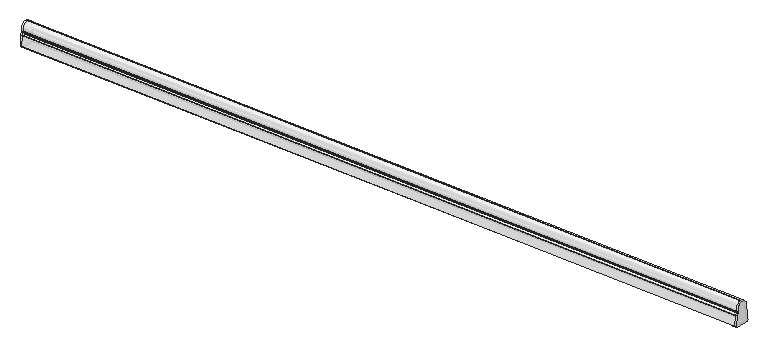
Revit family "0051029 Sylvania Lighting Fixture LED PIPE G2 L1200 WW", category Lighting Fixtures, host Face, Revit 2016
Family settings
  Host = Face
  Part Type = Normal
  Round Connector Dimension = Use Diameter
  OmniClass Number = 23.80.70.00
  OmniClass Title = Lighting
  Cut with Voids When Loaded = No
  Light Source = Yes
  Shared = No
  Room Calculation Point = No
Parameters (values of type "0051029 LED PIPE G2 L1200 WW")
  Width_SYL = 24 mm
  Weight = "5.56 kg"
  Wattage Comments = ""
  Wattage = 13 W
  WarrantyStartDate [instance] = "n/a"
  WarrantyGuarantorParts = "n/a"
  WarrantyDurationUnit = "n/a"
  WarrantyDurationParts = "n/a"
  WarrantyDescription = "n/a"
  built-in parameter 1150110 = 1 (stored number, unit not read)
  Voltage = 230 V
  URL = "http://www.sylvania-lighting.com"
  TypeName = "LED PIPE G2 L1200 WW"
  Type Image = <None>
  Type Comments = "n/a"
  built-in parameter 1114217 = 1 (stored number, unit not read)
  Tilt Angle = -90.00°
  built-in parameter 1150109 = 1 (stored number, unit not read)
  built-in parameter 1150134 = (empty or 0)
  built-in parameter 1150113 = 1 (stored number, unit not read)
  SerialNumber [instance] = "n/a"
  RadiusTop_SYL = 9.1 mm
  RadiusSmall_SYL = 1.002 mm
  RadiusShoulder_SYL = 4.5 mm
  RadiusBottom_SYL = 1.5 mm
  Photometric Web File = "0051029.ies"
  Material_3_FEILO = none
  PowerFactor = 0.9
  PowerConsumption = "13 W"
  NominalLength = 1200 mm
  NominalHeight = 35 mm
  NominalDepth = 24 mm
  Name = "LED PIPE G2 L1200 WW"
  ModelReference = Name  # "LED PIPE G2 L1200 WW"
  ModelNumber = "0051029"
  Model = Name  # "LED PIPE G2 L1200 WW"
  Material = "pc housing, pc diffuser"
  ManufacturerName = "Feilo Sylvania"
  Manufacturer = "Feilo Sylvania"
  LuminousEfficacy = "92 lm/W"
  built-in parameter 1150105 = 242.73 (stored number, unit not read)
  Lumens = 1196 lm
  LuminaireType = ""
  built-in parameter 1150115 = 1 (stored number, unit not read)
  LightOutputRatio = "n/a"
  built-in parameter 1150137 = (empty or 0)
  built-in parameter 1150139 = (empty or 0)
  Length_SYL = 1200 mm
  LampsType = Lamp  # "LED"
  LampNominalLuminous = "1200 lm"
  LampMacAdamStep = "6"
  LampColourTemperature = "3000 K"
  LampColourRenderingIndex = "80"
  built-in parameter 1150112 = 1 (stored number, unit not read)
  built-in parameter 1150114 = 1 (stored number, unit not read)
  Lamp = "LED"
  Keynote = "16500"
  InstallationDate [instance] = "n/a"
  InputVoltage = "220-240V~"
  InputNominalFrequency = "50/60 Hz"
  built-in parameter 1150132 = (empty or 0)
  built-in parameter 1150102 = (empty or 0)
  built-in parameter 1150107 = 3000 (stored number, unit not read)
  built-in parameter 1150138 = (empty or 0)
  IngressProtection = "IP20"
  ImpactProtectionIndex = "IK02"
  built-in parameter 1150106 = 2.4273 (stored number, unit not read)
  IfcExportType = "IfcLightFixtureType"
  IfcExportAs = "IfcLightFixtureType"
  Height_SYL = 35 mm
  ExpectedLife = 50000
  built-in parameter 1150127 = 10 mm
  Emit from Rectangle Length = Length_SYL - 6 mm  # 1194 mm
  Emit Shape Visible in Rendering = no
  ElectricShockClassification = "Class II"
  built-in parameter 1150104 = 8.5471 (stored number, unit not read)
  DurationUnit = "hours"
  DocumentationLiterature = "http://www.sylvania-lighting.com/product/en-int/products/0051029"
  DimmingControlOptions = "n/a"
  Material_2_FEILO = LED-Sylvania-ledpipe
  Dimming Lamp Color Temperature Shift = <None>
  Description = "LED T5 replacement batten, seamless linking (up to 10M), Ideal for direct lighting such as under cabinet or in kitchens, 150 degree beam angle, includes switch, includes 0.30m stripped cable, white polycarbonate body, includes standard and tilting brackets"
  Default Elevation = 1219.2 mm
  CreatedOn = "6/11/2018"
  CreatedBy = "aron.fodor@sylvania-lighting.com"
  Cost = 0
  Color Filter = 16777215
  built-in parameter 1114216 [instance] = (empty or 0)
  ClassificationValue = "EF_70_80"
  ClassificationName = "Uniclass2015"
  Material_1_FEILO = Body-Sylvania-ledpipe
  BarCode [instance] = "n/a"
  built-in parameter 1114218 = 1 (stored number, unit not read)
  Emit from Rectangle Width = 3048 mm
  AssetType = "Fixed"
  AssetIdentifier [instance] = "n/a"
  Assembly Code = "D5020200"
  Apparent Load = 13 VA
  Material_4_FEILO = none
Reference planes
  plane 1 "Center (Front/Back)": y = 0
  plane 2: z = 0
  plane 3 "Center (Left/Right)": x = 0
  plane 4: y = 12
  plane 5: y = -12
  plane 6: z = 35
  plane 7: z = 25.8
  plane 8: y = -10
  plane 9: z = 18.8
  plane 10: z = 21
  plane 11: x = 600
  plane 12: x = -600
  plane 13: x = 597
  plane 14: x = -597
Forms (mm)
  Extrusion 1, solid, material "Body-Sylvania-ledpipe" <- "Material_1_FEILO"
    sketch origin (0, 0, 0) x (0, 1, 0) y (0, 0, 1)
      loop
        arc (-11.824, 1.659) -> (-11.447, 0.497) -> (-10.332, 0) r 1.5
        line (-10.332, 0) -> (10.332, 0)
        arc (10.332, 0) -> (11.447, 0.497) -> (11.824, 1.659) r 1.5
        line (11.824, 1.659) -> (10.168, 17.219)
        arc (10.168, 17.219) -> (9.754, 18.682) -> (8.875, 19.925) r 4.5
        line (8.875, 19.925) -> (8.294, 20.506)
        arc (8.294, 20.506) -> (8.012, 21.058) -> (8.109, 21.67) r 1.002
        arc (8.109, 21.67) -> (7.759, 30.556) -> (0, 34.9) r 9.1
        arc (0, 34.9) -> (-7.759, 30.556) -> (-8.109, 21.67) r 9.1
        arc (-8.109, 21.67) -> (-8.012, 21.058) -> (-8.294, 20.506) r 1.002
        line (-8.294, 20.506) -> (-8.875, 19.925)
        arc (-8.875, 19.925) -> (-9.754, 18.682) -> (-10.168, 17.219) r 4.5
        line (-10.168, 17.219) -> (-11.824, 1.659)
    from -597 to 597
  Extrusion 2, solid, material "Body-Sylvania-ledpipe" <- "Material_1_FEILO"
    sketch origin (597, -4572, 2609.058) x (0, 0, 1) y (0, -1, 0)
      loop
        arc (-2587.388, -4580.109) -> (-2578.502, -4579.759) -> (-2574.158, -4572) r 9.1
        arc (-2574.158, -4572) -> (-2578.502, -4564.241) -> (-2587.388, -4563.891) r 9.1
        arc (-2587.388, -4563.891) -> (-2588, -4563.988) -> (-2588.552, -4563.706) r 1.002
        line (-2588.552, -4563.706) -> (-2589.134, -4563.125)
        arc (-2589.134, -4563.125) -> (-2590.376, -4562.246) -> (-2591.84, -4561.832) r 4.5
        line (-2591.84, -4561.832) -> (-2607.399, -4560.176)
        arc (-2607.399, -4560.176) -> (-2608.561, -4560.553) -> (-2609.058, -4561.668) r 1.5
        line (-2609.058, -4561.668) -> (-2609.058, -4582.332)
        arc (-2609.058, -4582.332) -> (-2608.561, -4583.447) -> (-2607.399, -4583.824) r 1.5
        line (-2607.399, -4583.824) -> (-2591.84, -4582.168)
        arc (-2591.84, -4582.168) -> (-2590.376, -4581.754) -> (-2589.134, -4580.875) r 4.5
        line (-2589.134, -4580.875) -> (-2588.552, -4580.294)
        arc (-2588.552, -4580.294) -> (-2588, -4580.012) -> (-2587.388, -4580.109) r 1.002
    from 0 to 3
  Extrusion 3, solid, material "Body-Sylvania-ledpipe" <- "Material_1_FEILO"
    sketch origin (-297, -4572, 2609.058) x (0, 0, 1) y (0, -1, 0)
      loop
        arc (-2587.388, -4580.109) -> (-2578.502, -4579.759) -> (-2574.158, -4572) r 9.1
        arc (-2574.158, -4572) -> (-2578.502, -4564.241) -> (-2587.388, -4563.891) r 9.1
        arc (-2587.388, -4563.891) -> (-2588, -4563.988) -> (-2588.552, -4563.706) r 1.002
        line (-2588.552, -4563.706) -> (-2589.134, -4563.125)
        arc (-2589.134, -4563.125) -> (-2590.376, -4562.246) -> (-2591.84, -4561.832) r 4.5
        line (-2591.84, -4561.832) -> (-2607.399, -4560.176)
        arc (-2607.399, -4560.176) -> (-2608.561, -4560.553) -> (-2609.058, -4561.668) r 1.5
        line (-2609.058, -4561.668) -> (-2609.058, -4582.332)
        arc (-2609.058, -4582.332) -> (-2608.561, -4583.447) -> (-2607.399, -4583.824) r 1.5
        line (-2607.399, -4583.824) -> (-2591.84, -4582.168)
        arc (-2591.84, -4582.168) -> (-2590.376, -4581.754) -> (-2589.134, -4580.875) r 4.5
        line (-2589.134, -4580.875) -> (-2588.552, -4580.294)
        arc (-2588.552, -4580.294) -> (-2588, -4580.012) -> (-2587.388, -4580.109) r 1.002
    from -300 to -303
Lines and regions (mm)
  reference lines
    curve 1: circle (0, 0, 25.8) r 9.1 normal (1, 0, 0)
    curve 2: line (0, -12, 0) -> (0, -10, 18.8)
Dimensions and locks
  equal spacing: plane 5, plane 1 "Center (Front/Back)", plane 4
  "Width_SYL": plane 5 to plane 4
  "Height_SYL": plane 6 to plane 2
  locked: plane 6 to plane 7 at 9.2
  locked: plane 5 to plane 8 at 2
  locked: plane 7 to plane 9 at 7
  locked: plane 10 to plane 9 at 2.2
  equal spacing: plane 11, plane 3 "Center (Left/Right)", plane 12
  "Length_SYL": plane 11 to plane 12
  equal spacing: plane 13, plane 3 "Center (Left/Right)", plane 14
  locked: plane 14 to plane 12 at 3
  "RadiusTop_SYL": radius of curve 1
  "RadiusSmall_SYL": radius of Extrusion 1 sketch curve
  "RadiusShoulder_SYL": radius of Extrusion 1 sketch curve
  "RadiusTop_SYL": radius of Extrusion 1 sketch curve
  "RadiusBottom_SYL": radius of Extrusion 1 sketch curve  (x2)
  aligned and locked: plane 2 to host face
  aligned and locked: level to host face
  aligned and locked: plane 7 to curve 1
  aligned and locked: plane 1 "Center (Front/Back)" to curve 1
  aligned and locked: plane 8 to curve 2
  aligned and locked: curve 2 to Extrusion 1 sketch curve  (x2)
  aligned and locked: plane 7 to Extrusion 1 sketch curve
  aligned and locked: plane 1 "Center (Front/Back)" to Extrusion 1 sketch curve
  aligned and locked: Extrusion 1 sketch curve to level
  aligned and locked: plane 13 to Extrusion 1
  aligned and locked: Extrusion 1 to plane 14
  aligned and locked: Extrusion 2 sketch curve to Extrusion 1  (x8)
  aligned and locked: plane 11 to Extrusion 2
  aligned and locked: Extrusion 2 to Extrusion 1
  aligned and locked: Extrusion 3 sketch curve to Extrusion 2  (x8)
  aligned and locked: Extrusion 3 to Extrusion 1
  aligned and locked: Extrusion 3 to plane 12
  aligned and locked: imposter light to plane 1 "Center (Front/Back)"
  aligned and locked: plane 6 to imposter light
  aligned and locked: plane 3 "Center (Left/Right)" to imposter light
Automatic sketch dimensions
  host sketch curve to host sketch curve = 2438.4 mm  (x2)
  curve 2 to level = 0 mm
  curve 2 to plane 5 = 0 mm
  curve 2 to plane 9 = 0 mm
  Extrusion 1 sketch curve to Extrusion 1 sketch curve = 0 mm
  Extrusion 1 sketch curve to plane 5 = 0.176 mm
  plane 8 to Extrusion 1 sketch curve = 0.168 mm
  plane 10 to Extrusion 1 sketch curve = 0.215 mm  (x2)
  Extrusion 1 sketch curve to plane 8 = 0.998 mm
  Extrusion 1 sketch curve to plane 10 = 1.075 mm  (x2)
  Extrusion 1 sketch curve to plane 10 = 0.494 mm  (x2)
  Extrusion 1 sketch curve to plane 9 = 2.057 mm
  Extrusion 1 sketch curve to plane 1 "Center (Front/Back)" = 5.693 mm
  plane 4 to Extrusion 1 sketch curve = 3.706 mm
  Extrusion 1 sketch curve to Extrusion 1 sketch curve = 0.582 mm
  Extrusion 1 sketch curve to Extrusion 1 sketch curve = 0.709 mm
  Extrusion 1 sketch curve to plane 9 = 1.581 mm
  plane 4 to Extrusion 1 sketch curve = 1.668 mm
  plane 4 to Extrusion 1 sketch curve = 0.176 mm
  Extrusion 2 sketch curve to Extrusion 2 sketch curve = 0.159 mm
  Extrusion 2 sketch curve to plane 5 = 0.176 mm
  plane 8 to Extrusion 2 sketch curve = 0.168 mm
  Extrusion 2 sketch curve to plane 9 = 1.581 mm
  Extrusion 2 sketch curve to plane 10 = 0.494 mm  (x2)
  Extrusion 2 sketch curve to Extrusion 2 sketch curve = 0.127 mm
  Extrusion 2 sketch curve to Extrusion 2 sketch curve = 0.582 mm
  Extrusion 3 sketch curve to Extrusion 3 sketch curve = 0.159 mm
  Extrusion 3 sketch curve to plane 5 = 0.176 mm
  plane 8 to Extrusion 3 sketch curve = 0.168 mm
  Extrusion 3 sketch curve to plane 9 = 1.581 mm
  Extrusion 3 sketch curve to plane 10 = 0.494 mm  (x2)
  Extrusion 3 sketch curve to Extrusion 3 sketch curve = 0.127 mm
  Extrusion 3 sketch curve to Extrusion 3 sketch curve = 0.582 mm
Connectors
  electrical at (0, 0, 0), driven by "Apparent Load", driven by "PowerFactor", driven by "Voltage"
    settings: index 1, voltage 230 V, apparent load 13 VA, apparent load phase1 0 VA, apparent load phase2 0 VA, apparent load phase3 0 VA, power factor 0.9, load classification "Lighting", number of poles 1, system type 30, power factor state 1, is connector primary yes, connector utility no, sub classification motor no, connector description ""
